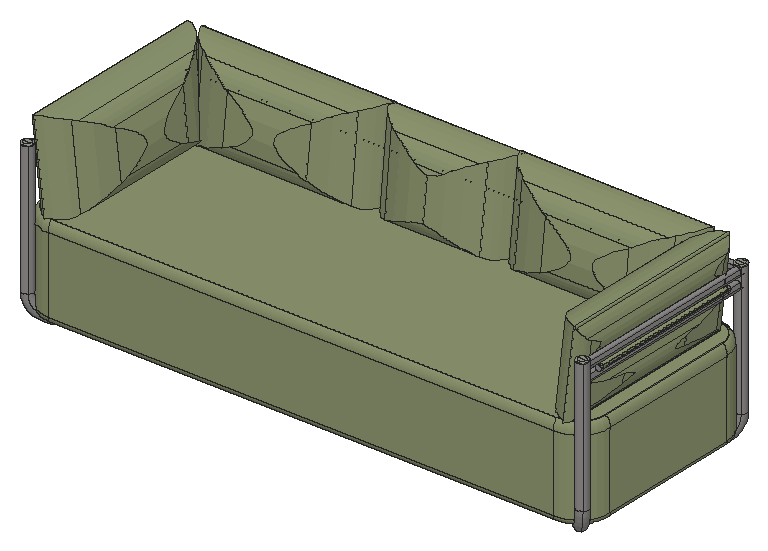
Revit family "FU_Modular_Sandler_Cosmo 1502", category Furniture, Revit 2020
Family settings
  OmniClass Number = 23.40.20.00
  OmniClass Title = General Furniture and Specialties
  Work Plane-Based = No
  Always vertical = Yes
  Cut with Voids When Loaded = No
  Shared = No
  Room Calculation Point = No
Parameters (values of type "Cosmo 1502")
  Width = 2370 mm
  URL = "https://www.sandlerseating.com/product/cosmo-1502/"
  Seat [instance] = Fabric - X2 - Algebra AK005
  Model = "Cosmo 1502"
  Manufacturer = "Sandler"
  Height = 800 mm
  Frame [instance] = Metal - Paint -AL VR - Pewter
  Description = "Three-seat sofa in the Cosmo modular seating range. Exposed steel frame. Upholstered seat, backrest, and armrests. Option to add other elements to form a sectional sofa."
  Depth = 880 mm
  Default Elevation = 0 mm
Reference planes
  plane 1 "Center (Front/Back)": y = 0
  plane 2: z = 0
  plane 3 "Center (Left/Right)": x = 0
  plane 4 "Right": x = -1185
  plane 5 "Left": x = 1185
  plane 6 "Back": y = 440
  plane 7 "Front": y = -440
  plane 8 "Height": z = 800
  plane 9 "Seat height": z = 440
  plane 10 "Frame Base C RIGHT": z = 33.282
  plane 11 "Frame Front C RIGHT": y = -414.45
  plane 12 "Frame Back C RIGHT": y = 415.775
  plane 13 "Frame Left C FRONT": x = 1160.501
  plane 14 "Frame Back Left C TOP": through (839.563, 94.979, 1200) normal (-0.7071, 0.7071, 0)
  plane 15 "Frame Front Left C TOP": through (839.497, -93.945, 1200) normal (0.7071, 0.7071, 0)
  plane 16 "Frame Right C FRONT": x = -1160.501
  plane 17 "Frame Back Right C TOP": through (-839.563, 94.979, 1200) normal (-0.7071, -0.7071, 0)
  plane 18 "Frame Front Right C TOP": through (-839.497, -93.945, 1200) normal (0.7071, -0.7071, 0)
  plane 19: x = 745.068
  plane 20 "Frame Left C FRONT": x = 530.501
  plane 21 "Frame Back Left C TOP": through (209.563, 94.979, 1200) normal (-0.7071, 0.7071, 0)
  plane 22 "Frame Front Left C TOP": through (209.497, -93.945, 1200) normal (0.7071, 0.7071, 0)
  plane 23: x = 115.068
  plane 24: x = -745.068
  plane 25 "Frame Right C FRONT": x = -530.501
  plane 26 "Frame Back Right C TOP": through (-209.563, 94.979, 1200) normal (-0.7071, -0.7071, 0)
  plane 27 "Frame Front Right C TOP": through (-209.497, -93.945, 1200) normal (0.7071, -0.7071, 0)
  plane 28: x = -115.068
Forms (mm)
  Sweep 1, solid, material "Metal - Paint -AL VR - Pewter" <- "Frame"
    path origin (0, 0, 33.282) x (0, -1, 0) y (1, 0, 0)
      loop
        line (319.706, 1065.757) -> (73.771, 819.822)
        arc (73.771, 819.822) -> (-0.733, 788.961) -> (-75.238, 819.822) r 105.365
        line (-75.238, 819.822) -> (-321.173, 1065.757)
    profile "Pro_Circles : 48mm" origin (942.789, -196.738, 33.282) x (-0.707107, -0.707107, 0) y (0, 0, 1)
      loop
        arc (-23.967, 0.067) -> (-17.014, -16.92) -> (-0.066, -23.967) r 23.901
        arc (-0.066, -23.967) -> (16.967, -16.967) -> (23.967, 0.067) r 23.901
        arc (23.967, 0.067) -> (16.92, 17.014) -> (-0.067, 23.967) r 23.9
        arc (-0.067, 23.967) -> (-16.966, 16.966) -> (-23.967, 0.067) r 23.9
  Sweep 2, solid, material "Metal - Paint -AL VR - Pewter" <- "Frame"
    path origin (372.776, 372.776, 0) x (-0.707107, 0.707107, 0) y (0, 0, 1)
      loop
        line (-1112.714, 691) -> (-1112.714, 138.282)
        arc (-1112.714, 138.282) -> (-1081.961, 64.036) -> (-1007.714, 33.282) r 105
        line (-1007.714, 33.282) -> (-977.714, 33.282)
    profile "Pro_Circles : 48mm" origin (1159.584, -414.032, 414.641) x (-0.707107, 0.707107, 0) y (0.707107, 0.707107, 0)
      loop
        arc (-23.967, 0.067) -> (-17.014, -16.92) -> (-0.066, -23.967) r 23.901
        arc (-0.066, -23.967) -> (16.967, -16.967) -> (23.967, 0.067) r 23.901
        arc (23.967, 0.067) -> (16.92, 17.014) -> (-0.067, 23.967) r 23.9
        arc (-0.067, 23.967) -> (-16.966, 16.966) -> (-23.967, 0.067) r 23.9
  Sweep 3, solid, material "Metal - Paint -AL VR - Pewter" <- "Frame"
    path origin (372.292, -372.292, 0) x (-0.707107, -0.707107, 0) y (0, 0, 1)
      loop
        line (-1112.714, 691) -> (-1112.714, 138.282)
        arc (-1112.714, 138.282) -> (-1081.961, 64.036) -> (-1007.714, 33.282) r 105
        line (-1007.714, 33.282) -> (-977.714, 33.282)
    profile "Pro_Circles : 48mm" origin (1159.1, 414.516, 414.641) x (-0.707107, -0.707107, 0) y (-0.707107, 0.707107, 0)
      loop
        arc (23.967, 0.067) -> (16.966, 16.966) -> (0.067, 23.967) r 23.9
        arc (0.067, 23.967) -> (-16.92, 17.014) -> (-23.967, 0.067) r 23.9
        arc (-23.967, 0.067) -> (-16.967, -16.967) -> (0.066, -23.967) r 23.901
        arc (0.066, -23.967) -> (17.014, -16.92) -> (23.967, 0.067) r 23.901
  Sweep 4, solid, material "Metal - Paint -AL VR - Pewter" <- "Frame"
    path origin (0, 0, 33.282) x (0, -1, 0) y (-1, 0, 0)
      loop
        line (319.955, 1065.508) -> (74.02, 819.573)
        arc (74.02, 819.573) -> (-0.484, 788.712) -> (-74.988, 819.573) r 105.365
        line (-74.988, 819.573) -> (-321.173, 1065.757)
    profile "Pro_Circles : 48mm" origin (-942.54, -196.988, 33.282) x (-0.707107, 0.707107, 0) y (0, 0, 1)
      loop
        arc (23.967, 0.067) -> (16.966, 16.966) -> (0.067, 23.967) r 23.9
        arc (0.067, 23.967) -> (-16.92, 17.014) -> (-23.967, 0.067) r 23.9
        arc (-23.967, 0.067) -> (-16.967, -16.967) -> (0.066, -23.967) r 23.901
        arc (0.066, -23.967) -> (17.014, -16.92) -> (23.967, 0.067) r 23.901
  Sweep 5, solid, material "Metal - Paint -AL VR - Pewter" <- "Frame"
    path origin (-687.97, 57.582, 0) x (0.707107, 0.707107, 0) y (0, 0, 1)
      loop
        line (-667.237, 691) -> (-667.237, 138.282)
        arc (-667.237, 138.282) -> (-636.483, 64.036) -> (-562.237, 33.282) r 105
        line (-562.237, 33.282) -> (-532.237, 33.282)
    profile "Pro_Circles : 48mm" origin (-1159.778, -414.226, 414.641) x (-0.707107, -0.707107, 0) y (-0.707107, 0.707107, 0)
      loop
        arc (23.967, 0.067) -> (16.966, 16.966) -> (0.067, 23.967) r 23.9
        arc (0.067, 23.967) -> (-16.92, 17.014) -> (-23.967, 0.067) r 23.9
        arc (-23.967, 0.067) -> (-16.967, -16.967) -> (0.066, -23.967) r 23.901
        arc (0.066, -23.967) -> (17.014, -16.92) -> (23.967, 0.067) r 23.901
  Sweep 6, solid, material "Metal - Paint -AL VR - Pewter" <- "Frame"
    path origin (-687.087, -57.497, 0) x (0.707107, -0.707107, 0) y (0, 0, 1)
      loop
        line (-667.237, 691) -> (-667.237, 138.282)
        arc (-667.237, 138.282) -> (-636.483, 64.036) -> (-562.237, 33.282) r 105
        line (-562.237, 33.282) -> (-532.237, 33.282)
    profile "Pro_Circles : 48mm" origin (-1158.895, 414.31, 414.641) x (-0.707107, 0.707107, 0) y (0.707107, 0.707107, 0)
      loop
        arc (-23.967, 0.067) -> (-17.014, -16.92) -> (-0.066, -23.967) r 23.901
        arc (-0.066, -23.967) -> (16.967, -16.967) -> (23.967, 0.067) r 23.901
        arc (23.967, 0.067) -> (16.92, 17.014) -> (-0.067, 23.967) r 23.9
        arc (-0.067, 23.967) -> (-16.966, 16.966) -> (-23.967, 0.067) r 23.9
  Sweep 7, solid, material "Metal - Paint -AL VR - Pewter" <- "Frame"
    path origin (1160.501, 0, 0) x (0, 0, 1) y (0, -1, 0)
      loop
        line (667.4, 414.45) -> (667.4, -415.775)
    profile "Pro_Cosmo_Oval Tube : Pro_Cosmo_Oval Tube" origin (1160.501, 0.662, 667.4) x (0, 0, 1) y (1, 0, 0)
      loop
        arc (-10.07, 10) -> (-20.07, 0) -> (-10.07, -10) r 10
        line (-10.07, -10) -> (10.07, -10)
        arc (10.07, -10) -> (20.07, 0) -> (10.07, 10) r 10
        line (10.07, 10) -> (-10.07, 10)
  Sweep 8, solid, material "Metal - Paint -AL VR - Pewter" <- "Frame"
    path origin (1160.501, 0, 0) x (0, 0, 1) y (0, -1, 0)
      loop
        line (617.39, -415.775) -> (617.39, 414.45)
    profile "Pro_Cosmo_Oval Tube : Pro_Cosmo_Oval Tube" origin (1160.501, 0.662, 617.39) x (0, 0, -1) y (1, 0, 0)
      loop
        arc (-10.07, 10) -> (-20.07, 0) -> (-10.07, -10) r 10
        line (-10.07, -10) -> (10.07, -10)
        arc (10.07, -10) -> (20.07, 0) -> (10.07, 10) r 10
        line (10.07, 10) -> (-10.07, 10)
  Sweep 9, solid, material "Metal - Paint -AL VR - Pewter" <- "Frame"
    path origin (1160.501, 0, 0) x (0, 0, 1) y (0, -1, 0)
      loop
        line (642.954, -318.158) -> (642.954, 352.842)
    profile "Pro_Circles : 20mm" origin (1160.501, -17.342, 642.954) x (0, 0, -1) y (1, 0, 0)
      loop
        arc (-9.967, 18.567) -> (-7.115, 11.48) -> (-0.067, 8.533) r 9.901
        arc (-0.067, 8.533) -> (7.068, 11.432) -> (9.967, 18.567) r 9.901
        arc (9.967, 18.567) -> (7.02, 25.615) -> (-0.067, 28.467) r 9.901
        arc (-0.067, 28.467) -> (-7.067, 25.567) -> (-9.967, 18.567) r 9.9
  Sweep 10, solid, material "Metal - Paint -AL VR - Pewter" <- "Frame"
    path origin (1160.501, -0.925, 0) x (0, 0, 1) y (0, -1, 0)
      loop
        line (642.954, 344.821) -> (642.954, 352.842)
    profile "Pro_Circles : 24mm" origin (1160.501, -349.757, 642.954) x (0, 0, -1) y (1, 0, 0)
      loop
        arc (-11.967, 18.567) -> (-8.529, 10.066) -> (-0.067, 6.533) r 11.901
        arc (-0.067, 6.533) -> (8.482, 10.018) -> (11.967, 18.567) r 11.901
        arc (11.967, 18.567) -> (8.434, 27.029) -> (-0.067, 30.467) r 11.901
        arc (-0.067, 30.467) -> (-8.481, 26.981) -> (-11.967, 18.567) r 11.9
  Sweep 11, solid, material "Metal - Paint -AL VR - Pewter" <- "Frame"
    path origin (1160.501, -33.679, 0) x (0, 0, 1) y (0, 1, 0)
      loop
        line (642.954, 344.821) -> (642.954, 352.842)
    profile "Pro_Circles : 24mm" origin (1160.501, 315.153, 642.954) x (0, 0, 1) y (1, 0, 0)
      loop
        arc (11.967, 18.567) -> (8.481, 26.981) -> (0.067, 30.467) r 11.9
        arc (0.067, 30.467) -> (-8.434, 27.029) -> (-11.967, 18.567) r 11.901
        arc (-11.967, 18.567) -> (-8.482, 10.018) -> (0.067, 6.533) r 11.901
        arc (0.067, 6.533) -> (8.529, 10.066) -> (11.967, 18.567) r 11.901
  Sweep 12, solid, material "Metal - Paint -AL VR - Pewter" <- "Frame"
    path origin (-1160.501, 0, 0) x (0, 0, 1) y (0, -1, 0)
      loop
        line (667.4, 414.45) -> (667.4, -415.775)
    profile "Pro_Cosmo_Oval Tube : Pro_Cosmo_Oval Tube" origin (-1160.501, 0.662, 667.4) x (0, 0, -1) y (-1, 0, 0)
      loop
        line (-10.07, -10) -> (10.07, -10)
        arc (10.07, -10) -> (20.07, 0) -> (10.07, 10) r 10
        line (10.07, 10) -> (-10.07, 10)
        arc (-10.07, 10) -> (-20.07, 0) -> (-10.07, -10) r 10
  Sweep 13, solid, material "Metal - Paint -AL VR - Pewter" <- "Frame"
    path origin (-1160.501, 0, 0) x (0, 0, 1) y (0, -1, 0)
      loop
        line (617.39, -415.775) -> (617.39, 414.45)
    profile "Pro_Cosmo_Oval Tube : Pro_Cosmo_Oval Tube" origin (-1160.501, 0.662, 617.39) x (0, 0, 1) y (-1, 0, 0)
      loop
        line (-10.07, -10) -> (10.07, -10)
        arc (10.07, -10) -> (20.07, 0) -> (10.07, 10) r 10
        line (10.07, 10) -> (-10.07, 10)
        arc (-10.07, 10) -> (-20.07, 0) -> (-10.07, -10) r 10
  Sweep 14, solid, material "Metal - Paint -AL VR - Pewter" <- "Frame"
    path origin (0, 415.775, 0) x (0, 0, 1) y (1, 0, 0)
      loop
        line (667.39, -1160.832) -> (667.39, 1160.168)
    profile "Pro_Cosmo_Oval Tube : Pro_Cosmo_Oval Tube" origin (-0.332, 415.775, 667.39) x (0, 0, -1) y (0, 1, 0)
      loop
        arc (-10.07, 10) -> (-20.07, 0) -> (-10.07, -10) r 10
        line (-10.07, -10) -> (10.07, -10)
        arc (10.07, -10) -> (20.07, 0) -> (10.07, 10) r 10
        line (10.07, 10) -> (-10.07, 10)
  Sweep 15, solid, material "Metal - Paint -AL VR - Pewter" <- "Frame"
    path origin (0, 415.775, 0) x (0, 0, 1) y (1, 0, 0)
      loop
        line (619.39, -1160.832) -> (619.39, 1160.168)
    profile "Pro_Cosmo_Oval Tube : Pro_Cosmo_Oval Tube" origin (-0.332, 415.775, 619.39) x (0, 0, -1) y (0, 1, 0)
      loop
        arc (-10.07, 10) -> (-20.07, 0) -> (-10.07, -10) r 10
        line (-10.07, -10) -> (10.07, -10)
        arc (10.07, -10) -> (20.07, 0) -> (10.07, 10) r 10
        line (10.07, 10) -> (-10.07, 10)
  Sweep 16, solid, material "Metal - Paint -AL VR - Pewter" <- "Frame"
    path origin (-36.64, 440, 0) x (-1, 0, 0) y (0, 0, 1)
      loop
        line (963.919, 643.39) -> (296.919, 643.39)
    profile "Pro_Circles : 20mm" origin (-667.059, 440, 643.39) x (0, 0, -1) y (0, 1, 0)
      loop
        arc (-9.967, -5.933) -> (-7.115, -13.02) -> (-0.067, -15.967) r 9.901
        arc (-0.067, -15.967) -> (7.068, -13.068) -> (9.967, -5.933) r 9.901
        arc (9.967, -5.933) -> (7.02, 1.115) -> (-0.067, 3.967) r 9.901
        arc (-0.067, 3.967) -> (-7.067, 1.067) -> (-9.967, -5.933) r 9.9
  Sweep 17, solid, material "Metal - Paint -AL VR - Pewter" <- "Frame"
    path origin (-978.34, 415.775, 0) x (0, 0, 1) y (1, 0, 0)
      loop
        line (643.39, 640.957) -> (643.39, 648.957)
    profile "Pro_Circles : 24mm" origin (-333.383, 415.775, 643.39) x (0, 0, -1) y (0, 1, 0)
      loop
        arc (-11.967, 18.567) -> (-8.529, 10.066) -> (-0.067, 6.533) r 11.901
        arc (-0.067, 6.533) -> (8.482, 10.018) -> (11.967, 18.567) r 11.901
        arc (11.967, 18.567) -> (8.434, 27.029) -> (-0.067, 30.467) r 11.901
        arc (-0.067, 30.467) -> (-8.481, 26.981) -> (-11.967, 18.567) r 11.9
  Sweep 18, solid, material "Metal - Paint -AL VR - Pewter" <- "Frame"
    path origin (-1160.501, 0, 0) x (0, 0, 1) y (0, -1, 0)
      loop
        line (642.954, -318.158) -> (642.954, 352.842)
    profile "Pro_Circles : 20mm" origin (-1160.501, -17.342, 642.954) x (0, 0, 1) y (-1, 0, 0)
      loop
        arc (9.967, 18.567) -> (7.067, 25.567) -> (0.067, 28.467) r 9.9
        arc (0.067, 28.467) -> (-7.02, 25.615) -> (-9.967, 18.567) r 9.901
        arc (-9.967, 18.567) -> (-7.068, 11.432) -> (0.067, 8.533) r 9.901
        arc (0.067, 8.533) -> (7.115, 11.48) -> (9.967, 18.567) r 9.901
  Sweep 19, solid, material "Metal - Paint -AL VR - Pewter" <- "Frame"
    path origin (-1160.501, 0, 0) x (0, 0, 1) y (0, -1, 0)
      loop
        line (642.954, 345.746) -> (642.954, 353.767)
    profile "Pro_Circles : 24mm" origin (-1160.501, -349.757, 642.954) x (0, 0, 1) y (-1, 0, 0)
      loop
        arc (11.967, 18.567) -> (8.481, 26.981) -> (0.067, 30.467) r 11.9
        arc (0.067, 30.467) -> (-8.434, 27.029) -> (-11.967, 18.567) r 11.901
        arc (-11.967, 18.567) -> (-8.482, 10.018) -> (0.067, 6.533) r 11.901
        arc (0.067, 6.533) -> (8.529, 10.066) -> (11.967, 18.567) r 11.901
  Sweep 20, solid, material "Metal - Paint -AL VR - Pewter" <- "Frame"
    path origin (-1160.501, 0, 0) x (0, 0, 1) y (0, -1, 0)
      loop
        line (642.954, -311.142) -> (642.954, -319.163)
    profile "Pro_Circles : 24mm" origin (-1160.501, 315.153, 642.954) x (0, 0, -1) y (-1, 0, 0)
      loop
        arc (-11.967, 18.567) -> (-8.529, 10.066) -> (-0.067, 6.533) r 11.901
        arc (-0.067, 6.533) -> (8.482, 10.018) -> (11.967, 18.567) r 11.901
        arc (11.967, 18.567) -> (8.434, 27.029) -> (-0.067, 30.467) r 11.901
        arc (-0.067, 30.467) -> (-8.481, 26.981) -> (-11.967, 18.567) r 11.9
  Sweep 21, solid, material "Metal - Paint -AL VR - Pewter" <- "Frame"
    path origin (-38.007, 415.775, 0) x (0, 0, 1) y (-1, 0, 0)
      loop
        line (643.39, 955.957) -> (643.39, 963.957)
    profile "Pro_Circles : 24mm" origin (-997.964, 415.775, 643.39) x (0, 0, 1) y (0, 1, 0)
      loop
        arc (11.967, 18.567) -> (8.481, 26.981) -> (0.067, 30.467) r 11.9
        arc (0.067, 30.467) -> (-8.434, 27.029) -> (-11.967, 18.567) r 11.901
        arc (-11.967, 18.567) -> (-8.482, 10.018) -> (0.067, 6.533) r 11.901
        arc (0.067, 6.533) -> (8.529, 10.066) -> (11.967, 18.567) r 11.901
  Revolve 22, solid, material "Rubber, Black"
    sketch origin (-0.781, -414.45, 0) x (0, 0, -1) y (1, 0, 0)
      loop
        line (-695.421, 1160.33) -> (-695.421, 1141.266)
        arc (-695.421, 1141.266) -> (-694.22, 1138.04) -> (-691.201, 1136.385) r 4.933
        arc (-691.201, 1136.385) -> (-690.636, 1136.55) -> (-690.39, 1137.086) r 0.708
        line (-690.39, 1137.086) -> (-690.39, 1138.836) -> (-685.421, 1138.836) -> (-685.421, 1160.33) -> (-695.421, 1160.33)
      axis (-695.421, 1160.33) -> (-685.421, 1160.33)
    angle from 0 to 360
  Revolve 23, solid, material "Rubber, Black"
    sketch origin (0.781, -414.45, 0) x (0, 0, -1) y (-1, 0, 0)
      loop
        line (-695.421, 1160.33) -> (-695.421, 1141.266)
        arc (-695.421, 1141.266) -> (-694.22, 1138.04) -> (-691.201, 1136.385) r 4.933
        arc (-691.201, 1136.385) -> (-690.636, 1136.55) -> (-690.39, 1137.086) r 0.708
        line (-690.39, 1137.086) -> (-690.39, 1138.836) -> (-685.421, 1138.836) -> (-685.421, 1160.33) -> (-695.421, 1160.33)
      axis (-695.421, 1160.33) -> (-685.421, 1160.33)
    angle from 0 to 360
  Revolve 24, solid, material "Rubber, Black"
    sketch origin (-0.781, 414.001, 0) x (0, 0, -1) y (-1, 0, 0)
      loop
        line (-695.421, -1160.33) -> (-685.421, -1160.33) -> (-685.421, -1138.836) -> (-690.39, -1138.836) -> (-690.39, -1137.086)
        arc (-690.39, -1137.086) -> (-690.636, -1136.55) -> (-691.201, -1136.385) r 0.708
        arc (-691.201, -1136.385) -> (-694.22, -1138.04) -> (-695.421, -1141.266) r 4.933
        line (-695.421, -1141.266) -> (-695.421, -1160.33)
      axis (-695.421, -1160.33) -> (-685.421, -1160.33)
    angle from 0 to 360
  Revolve 25, solid, material "Rubber, Black"
    sketch origin (0.781, 414.001, 0) x (0, 0, -1) y (-1, 0, 0)
      loop
        line (-695.421, 1160.33) -> (-695.421, 1141.266)
        arc (-695.421, 1141.266) -> (-694.22, 1138.04) -> (-691.201, 1136.385) r 4.933
        arc (-691.201, 1136.385) -> (-690.636, 1136.55) -> (-690.39, 1137.086) r 0.708
        line (-690.39, 1137.086) -> (-690.39, 1138.836) -> (-685.421, 1138.836) -> (-685.421, 1160.33) -> (-695.421, 1160.33)
      axis (-695.421, 1160.33) -> (-685.421, 1160.33)
    angle from 0 to 360
  Extrusion 26, solid, material "Rubber, Black"
    sketch origin (0, 0, 0) x (1, 0, 0) y (0, 1, 0)
      loop
        circle (1014.746, 270.162) r 12.5
    from 0 to 33.282
  Extrusion 27, solid, material "Rubber, Black"
    sketch origin (0, 0, 0) x (1, 0, 0) y (0, 1, 0)
      loop
        circle (1014.746, -270.162) r 12.5
    from 0 to 33.282
  Extrusion 28, solid, material "Rubber, Black"
    sketch origin (0, 0, 0) x (-1, 0, 0) y (0, -1, 0)
      loop
        circle (1014.746, -270.162) r 12.5
    from 0 to 33.282
  Extrusion 29, solid, material "Rubber, Black"
    sketch origin (0, 0, 0) x (-1, 0, 0) y (0, -1, 0)
      loop
        circle (1014.746, 270.162) r 12.5
    from 0 to 33.282
  Extrusion 30, solid, material "Fabric - X2 - Algebra AK005" <- "Seat"
    sketch origin (0, 0, 33.282) x (0, -1, 0) y (1, 0, 0)
      loop
        arc (-415.775, -1055.667) -> (-383.557, -1133.448) -> (-305.775, -1165.667) r 110
        line (-305.775, -1165.667) -> (304.45, -1165.667)
        arc (304.45, -1165.667) -> (382.232, -1133.448) -> (414.45, -1055.667) r 110
        line (414.45, -1055.667) -> (414.45, 1055.667)
        arc (414.45, 1055.667) -> (382.232, 1133.448) -> (304.45, 1165.667) r 110
        line (304.45, 1165.667) -> (-305.775, 1165.667)
        arc (-305.775, 1165.667) -> (-383.557, 1133.448) -> (-415.775, 1055.667) r 110
        line (-415.775, 1055.667) -> (-415.775, -1055.667)
    from 25.7 to 406.718
  Sweep 31, solid, material "Fabric - X2 - Algebra AK005" <- "Seat"
    path in 3D
      loop
        arc (-1165.667, -304.45, 440) -> (-1133.448, -382.232, 440) -> (-1055.667, -414.45, 440) r 110
        line (-1055.667, -414.45, 440) -> (1055.667, -414.45, 440)
        arc (1055.667, -414.45, 440) -> (1133.448, -382.232, 440) -> (1165.667, -304.45, 440) r 110
        line (1165.667, -304.45, 440) -> (1165.667, 305.775, 440)
        arc (1165.667, 305.775, 440) -> (1133.448, 383.557, 440) -> (1055.667, 415.775, 440) r 110
        line (1055.667, 415.775, 440) -> (-1055.667, 415.775, 440)
        arc (-1055.667, 415.775, 440) -> (-1133.448, 383.557, 440) -> (-1165.667, 305.775, 440) r 110
        line (-1165.667, 305.775, 440) -> (-1165.667, -304.45, 440)
    profile "Pro_Cosmo_SeatEdge : Pro_Cosmo_SeatEdge" origin (-1165.667, 0.662, 440) x (1, 0, 0) y (0, 0, 1)
      loop
        line (-21, -42) -> (-21, -360)
        arc (-21, -360) -> (-14.849, -374.849) -> (0, -381) r 21
        line (0, -381) -> (0, 0)
        spline (0, 0) -> (-2.741, -0.359) -> (-5.435, -1.431) -> (-8.036, -3.197) -> (-10.5, -5.627) -> (-12.784, -8.679) -> (-14.849, -12.302) -> (-16.66, -16.432) -> (-18.187, -21) -> (-19.401, -25.927) -> (-20.284, -31.13) -> (-20.82, -36.518) -> (-21, -42)
  Sweep 32, solid, material "Metal - Paint -AL VR - Pewter" <- "Frame"
    path origin (-630.774, 440, 0) x (1, 0, 0) y (0, 0, 1)
      loop
        line (858.313, 643.39) -> (403.313, 643.39)
    profile "Pro_Circles : 20mm" origin (0.04, 440, 643.39) x (0, 0, 1) y (0, 1, 0)
      loop
        arc (9.967, -5.933) -> (7.067, 1.067) -> (0.067, 3.967) r 9.9
        arc (0.067, 3.967) -> (-7.02, 1.115) -> (-9.967, -5.933) r 9.901
        arc (-9.967, -5.933) -> (-7.068, -13.068) -> (0.067, -15.967) r 9.901
        arc (0.067, -15.967) -> (7.115, -13.02) -> (9.967, -5.933) r 9.901
  Sweep 33, solid, material "Metal - Paint -AL VR - Pewter" <- "Frame"
    path origin (415.372, 415.775, 0) x (0, 0, 1) y (-1, 0, 0)
      loop
        line (643.39, 640.957) -> (643.39, 648.957)
    profile "Pro_Circles : 24mm" origin (-229.585, 415.775, 643.39) x (0, 0, 1) y (0, 1, 0)
      loop
        arc (11.967, 18.567) -> (8.481, 26.981) -> (0.067, 30.467) r 11.9
        arc (0.067, 30.467) -> (-8.434, 27.029) -> (-11.967, 18.567) r 11.901
        arc (-11.967, 18.567) -> (-8.482, 10.018) -> (0.067, 6.533) r 11.901
        arc (0.067, 6.533) -> (8.529, 10.066) -> (11.967, 18.567) r 11.901
  Sweep 34, solid, material "Metal - Paint -AL VR - Pewter" <- "Frame"
    path origin (-729.668, 415.775, 0) x (0, 0, 1) y (1, 0, 0)
      loop
        line (643.39, 955.957) -> (643.39, 963.957)
    profile "Pro_Circles : 24mm" origin (230.29, 415.775, 643.39) x (0, 0, -1) y (0, 1, 0)
      loop
        arc (-11.967, 18.567) -> (-8.529, 10.066) -> (-0.067, 6.533) r 11.901
        arc (-0.067, 6.533) -> (8.482, 10.018) -> (11.967, 18.567) r 11.901
        arc (11.967, 18.567) -> (8.434, 27.029) -> (-0.067, 30.467) r 11.901
        arc (-0.067, 30.467) -> (-8.481, 26.981) -> (-11.967, 18.567) r 11.9
  Sweep 35, solid, material "Metal - Paint -AL VR - Pewter" <- "Frame"
    path origin (36.64, 440, 0) x (1, 0, 0) y (0, 0, 1)
      loop
        line (963.919, 643.39) -> (296.919, 643.39)
    profile "Pro_Circles : 20mm" origin (667.059, 440, 643.39) x (0, 0, 1) y (0, 1, 0)
      loop
        arc (9.967, -5.933) -> (7.067, 1.067) -> (0.067, 3.967) r 9.9
        arc (0.067, 3.967) -> (-7.02, 1.115) -> (-9.967, -5.933) r 9.901
        arc (-9.967, -5.933) -> (-7.068, -13.068) -> (0.067, -15.967) r 9.901
        arc (0.067, -15.967) -> (7.115, -13.02) -> (9.967, -5.933) r 9.901
  Sweep 36, solid, material "Metal - Paint -AL VR - Pewter" <- "Frame"
    path origin (978.34, 415.775, 0) x (0, 0, 1) y (-1, 0, 0)
      loop
        line (643.39, 640.957) -> (643.39, 648.957)
    profile "Pro_Circles : 24mm" origin (333.383, 415.775, 643.39) x (0, 0, 1) y (0, 1, 0)
      loop
        arc (11.967, 18.567) -> (8.481, 26.981) -> (0.067, 30.467) r 11.9
        arc (0.067, 30.467) -> (-8.434, 27.029) -> (-11.967, 18.567) r 11.901
        arc (-11.967, 18.567) -> (-8.482, 10.018) -> (0.067, 6.533) r 11.901
        arc (0.067, 6.533) -> (8.529, 10.066) -> (11.967, 18.567) r 11.901
  Sweep 37, solid, material "Metal - Paint -AL VR - Pewter" <- "Frame"
    path origin (38.007, 415.775, 0) x (0, 0, 1) y (1, 0, 0)
      loop
        line (643.39, 955.957) -> (643.39, 963.957)
    profile "Pro_Circles : 24mm" origin (997.964, 415.775, 643.39) x (0, 0, -1) y (0, 1, 0)
      loop
        arc (-11.967, 18.567) -> (-8.529, 10.066) -> (-0.067, 6.533) r 11.901
        arc (-0.067, 6.533) -> (8.482, 10.018) -> (11.967, 18.567) r 11.901
        arc (11.967, 18.567) -> (8.434, 27.029) -> (-0.067, 30.467) r 11.901
        arc (-0.067, 30.467) -> (-8.481, 26.981) -> (-11.967, 18.567) r 11.9
Cuts and joins
  joined: Sweep 9, Sweep 10, Sweep 11
  joined: Sweep 18, Sweep 19, Sweep 20
  joined: Sweep 16, Sweep 17, Sweep 21
Lines and regions (mm)
  sketch lines
    curve 1: line (-1165.667, 305.775, 440) -> (-1165.667, -304.45, 440)
    curve 2: arc (-1055.667, -414.45, 440) -> (-1133.448, -382.232, 440) -> (-1165.667, -304.45, 440) r 110
    curve 3: line (-1055.667, -414.45, 440) -> (1055.667, -414.45, 440)
    curve 4: arc (1165.667, -304.45, 440) -> (1133.448, -382.232, 440) -> (1055.667, -414.45, 440) r 110
    curve 5: line (1165.667, -304.45, 440) -> (1165.667, 305.775, 440)
    curve 6: arc (1055.667, 415.775, 440) -> (1133.448, 383.557, 440) -> (1165.667, 305.775, 440) r 110
    curve 7: line (1055.667, 415.775, 440) -> (-1055.667, 415.775, 440)
    curve 8: arc (-1165.667, 305.775, 440) -> (-1133.448, 383.557, 440) -> (-1055.667, 415.775, 440) r 110
Dimensions and locks
  equal spacing: plane 4 "Right", plane 3 "Center (Left/Right)", plane 5 "Left"
  "Width": plane 4 "Right" to plane 5 "Left"
  equal spacing: plane 6 "Back", plane 1 "Center (Front/Back)", plane 7 "Front"
  "Depth": plane 6 "Back" to plane 7 "Front"
  "Height": plane 8 "Height" to level
  plane 9 "Seat height" to level = 440 mm
  locked: plane 4 "Right" to plane 16 "Frame Right C FRONT" at 24.499
  locked: plane 13 "Frame Left C FRONT" to plane 5 "Left" at 24.499
  locked: plane 19 to plane 13 "Frame Left C FRONT" at 415.433
  locked: plane 16 "Frame Right C FRONT" to plane 24 at 415.433
  aligned and locked: level to plane 2
  aligned and locked: Sweep 4 sketch curve to plane 18 "Frame Front Right C TOP"
  aligned and locked: Sweep 4 sketch curve to plane 17 "Frame Back Right C TOP"
Automatic sketch dimensions
  Sweep 1 sketch curve to plane 14 "Frame Back Left C TOP" = 0 mm  (x2)
  plane 19 to Sweep 1 sketch curve = 74.754 mm
  Sweep 1 sketch curve to plane 1 "Center (Front/Back)" = 0.733 mm
  plane 1 "Center (Front/Back)" to Sweep 1 sketch curve = 73.771 mm
  Sweep 1 sketch curve to Sweep 1 sketch curve = 74.504 mm
  Sweep 1 sketch curve to plane 12 "Frame Back C RIGHT" = 94.602 mm
  Sweep 1 sketch curve to plane 11 "Frame Front C RIGHT" = 94.744 mm
  Sweep 1 sketch curve to plane 13 "Frame Left C FRONT" = 94.744 mm
  plane 10 "Frame Base C RIGHT" to Sweep 2 sketch curve = 0 mm
  plane 10 "Frame Base C RIGHT" to Sweep 2 sketch curve = 105 mm
  Sweep 2 sketch curve to plane 14 "Frame Back Left C TOP" = 586.214 mm
  Sweep 2 sketch curve to Sweep 2 sketch curve = 30 mm
  Sweep 2 sketch curve to plane 8 "Height" = 109 mm
  plane 10 "Frame Base C RIGHT" to Sweep 3 sketch curve = 0 mm
  plane 10 "Frame Base C RIGHT" to Sweep 3 sketch curve = 105 mm
  plane 15 "Frame Front Left C TOP" to Sweep 3 sketch curve = 585.529 mm
  Sweep 3 sketch curve to Sweep 3 sketch curve = 30 mm
  Sweep 3 sketch curve to plane 8 "Height" = 109 mm
  plane 24 to Sweep 4 sketch curve = 74.504 mm
  Sweep 4 sketch curve to plane 1 "Center (Front/Back)" = 74.02 mm
  Sweep 4 sketch curve to Sweep 4 sketch curve = 74.504 mm
  plane 12 "Frame Back C RIGHT" to Sweep 4 sketch curve = 94.602 mm
  plane 11 "Frame Front C RIGHT" to Sweep 4 sketch curve = 94.495 mm
  plane 10 "Frame Base C RIGHT" to Sweep 5 sketch curve = 0 mm
  Sweep 5 sketch curve to plane 10 "Frame Base C RIGHT" = 105 mm
  plane 17 "Frame Back Right C TOP" to Sweep 5 sketch curve = 586.488 mm
  Sweep 5 sketch curve to Sweep 5 sketch curve = 30 mm
  plane 8 "Height" to Sweep 5 sketch curve = 109 mm
  plane 10 "Frame Base C RIGHT" to Sweep 6 sketch curve = 0 mm
  Sweep 6 sketch curve to plane 10 "Frame Base C RIGHT" = 105 mm
  Sweep 6 sketch curve to plane 18 "Frame Front Right C TOP" = 585.239 mm
  Sweep 6 sketch curve to Sweep 6 sketch curve = 30 mm
  plane 8 "Height" to Sweep 6 sketch curve = 109 mm
  Sweep 7 sketch curve to plane 12 "Frame Back C RIGHT" = 0 mm
  Sweep 7 sketch curve to plane 11 "Frame Front C RIGHT" = 0 mm
  Sweep 7 sketch curve to plane 8 "Height" = 132.6 mm
  Sweep 8 sketch curve to plane 11 "Frame Front C RIGHT" = 0 mm
  Sweep 8 sketch curve to plane 12 "Frame Back C RIGHT" = 0 mm
  plane 9 "Seat height" to Sweep 8 sketch curve = 177.39 mm
  Sweep 9 sketch curve to plane 11 "Frame Front C RIGHT" = 61.608 mm
  Sweep 9 sketch curve to plane 8 "Height" = 157.046 mm
  Sweep 9 sketch curve to plane 12 "Frame Back C RIGHT" = 97.617 mm
  Sweep 10 sketch curve to plane 11 "Frame Front C RIGHT" = 60.683 mm
  Sweep 10 sketch curve to plane 8 "Height" = 157.046 mm
  Sweep 10 sketch curve to Sweep 10 sketch curve = 8.021 mm
  plane 8 "Height" to Sweep 11 sketch curve = 157.046 mm
  plane 12 "Frame Back C RIGHT" to Sweep 11 sketch curve = 104.633 mm
  Sweep 11 sketch curve to Sweep 11 sketch curve = 8.021 mm
  Sweep 12 sketch curve to plane 12 "Frame Back C RIGHT" = 0 mm
  Sweep 12 sketch curve to plane 11 "Frame Front C RIGHT" = 0 mm
  plane 8 "Height" to Sweep 12 sketch curve = 132.6 mm
  Sweep 13 sketch curve to plane 11 "Frame Front C RIGHT" = 0 mm
  Sweep 13 sketch curve to plane 12 "Frame Back C RIGHT" = 0 mm
  Sweep 13 sketch curve to plane 9 "Seat height" = 177.39 mm
  Sweep 14 sketch curve to plane 13 "Frame Left C FRONT" = 0.333 mm
  Sweep 14 sketch curve to plane 8 "Height" = 132.61 mm
  plane 16 "Frame Right C FRONT" to Sweep 14 sketch curve = 0.331 mm
  Sweep 15 sketch curve to plane 13 "Frame Left C FRONT" = 0.333 mm
  plane 9 "Seat height" to Sweep 15 sketch curve = 179.39 mm
  plane 16 "Frame Right C FRONT" to Sweep 15 sketch curve = 0.331 mm
  Sweep 16 sketch curve to plane 8 "Height" = 156.61 mm
  Sweep 16 sketch curve to plane 3 "Center (Left/Right)" = 333.559 mm
  Sweep 16 sketch curve to plane 16 "Frame Right C FRONT" = 159.942 mm
  Sweep 17 sketch curve to plane 8 "Height" = 156.61 mm
  Sweep 17 sketch curve to plane 3 "Center (Left/Right)" = 337.383 mm
  Sweep 17 sketch curve to Sweep 17 sketch curve = 8 mm
  plane 11 "Frame Front C RIGHT" to Sweep 18 sketch curve = 61.608 mm
  plane 8 "Height" to Sweep 18 sketch curve = 157.046 mm
  plane 12 "Frame Back C RIGHT" to Sweep 18 sketch curve = 97.617 mm
  plane 11 "Frame Front C RIGHT" to Sweep 19 sketch curve = 60.683 mm
  plane 8 "Height" to Sweep 19 sketch curve = 157.046 mm
  Sweep 19 sketch curve to Sweep 19 sketch curve = 8.021 mm
  plane 8 "Height" to Sweep 20 sketch curve = 157.046 mm
  plane 12 "Frame Back C RIGHT" to Sweep 20 sketch curve = 96.612 mm
  Sweep 20 sketch curve to Sweep 20 sketch curve = 8.021 mm
  plane 8 "Height" to Sweep 21 sketch curve = 156.61 mm
  plane 16 "Frame Right C FRONT" to Sweep 21 sketch curve = 166.537 mm
  Sweep 21 sketch curve to Sweep 21 sketch curve = 8 mm
  Revolve 22 sketch curve to plane 13 "Frame Left C FRONT" = 0.952 mm  (x2)
  Revolve 22 sketch curve to plane 8 "Height" = 104.579 mm
  Revolve 22 sketch curve to Revolve 22 sketch curve = 4.322 mm
  Revolve 22 sketch curve to Revolve 22 sketch curve = 0.611 mm
  Revolve 22 sketch curve to Revolve 22 sketch curve = 0.708 mm
  Revolve 22 sketch curve to Revolve 22 sketch curve = 4.97 mm
  Revolve 22 sketch curve to Revolve 22 sketch curve = 19.065 mm
  Revolve 22 sketch curve to Revolve 22 sketch curve = 2.43 mm
  Revolve 22 sketch curve to Revolve 22 sketch curve = 1.75 mm
  Revolve 22 sketch curve to Revolve 22 sketch curve = 7.372 mm
  Revolve 22 sketch curve to Revolve 22 sketch curve = 19.192 mm
  plane 16 "Frame Right C FRONT" to Revolve 23 sketch curve = 0.952 mm  (x2)
  plane 8 "Height" to Revolve 23 sketch curve = 104.579 mm
  Revolve 23 sketch curve to Revolve 23 sketch curve = 4.322 mm
  Revolve 23 sketch curve to Revolve 23 sketch curve = 0.611 mm
  Revolve 23 sketch curve to Revolve 23 sketch curve = 0.708 mm
  Revolve 23 sketch curve to Revolve 23 sketch curve = 4.97 mm
  Revolve 23 sketch curve to Revolve 23 sketch curve = 19.065 mm
  Revolve 23 sketch curve to Revolve 23 sketch curve = 2.43 mm
  Revolve 23 sketch curve to Revolve 23 sketch curve = 1.75 mm
  Revolve 23 sketch curve to Revolve 23 sketch curve = 7.372 mm
  Revolve 23 sketch curve to Revolve 23 sketch curve = 19.192 mm
  Revolve 24 sketch curve to plane 13 "Frame Left C FRONT" = 0.952 mm  (x2)
  Revolve 24 sketch curve to plane 8 "Height" = 104.579 mm
  Revolve 24 sketch curve to Revolve 24 sketch curve = 4.322 mm
  Revolve 24 sketch curve to Revolve 24 sketch curve = 0.611 mm
  Revolve 24 sketch curve to Revolve 24 sketch curve = 0.708 mm
  Revolve 24 sketch curve to Revolve 24 sketch curve = 4.97 mm
  Revolve 24 sketch curve to Revolve 24 sketch curve = 19.065 mm
  Revolve 24 sketch curve to Revolve 24 sketch curve = 2.43 mm
  Revolve 24 sketch curve to Revolve 24 sketch curve = 1.75 mm
  Revolve 24 sketch curve to Revolve 24 sketch curve = 7.372 mm
  Revolve 24 sketch curve to Revolve 24 sketch curve = 19.192 mm
  Revolve 25 sketch curve to plane 16 "Frame Right C FRONT" = 0.952 mm  (x2)
  Revolve 25 sketch curve to plane 8 "Height" = 104.579 mm
  Revolve 25 sketch curve to Revolve 25 sketch curve = 4.322 mm
  Revolve 25 sketch curve to Revolve 25 sketch curve = 0.611 mm
  Revolve 25 sketch curve to Revolve 25 sketch curve = 0.708 mm
  Revolve 25 sketch curve to Revolve 25 sketch curve = 4.97 mm
  Revolve 25 sketch curve to Revolve 25 sketch curve = 19.065 mm
  Revolve 25 sketch curve to Revolve 25 sketch curve = 2.43 mm
  Revolve 25 sketch curve to Revolve 25 sketch curve = 1.75 mm
  Revolve 25 sketch curve to Revolve 25 sketch curve = 7.372 mm
  Revolve 25 sketch curve to Revolve 25 sketch curve = 19.192 mm
  Extrusion 26 sketch curve to plane 14 "Frame Back Left C TOP" = 0 mm
  Extrusion 26 sketch curve to plane 12 "Frame Back C RIGHT" = 145.613 mm
  plane 13 "Frame Left C FRONT" to Extrusion 27 sketch curve = 145.755 mm
  plane 11 "Frame Front C RIGHT" to Extrusion 27 sketch curve = 144.288 mm
  Extrusion 28 sketch curve to plane 17 "Frame Back Right C TOP" = 0 mm
  plane 12 "Frame Back C RIGHT" to Extrusion 28 sketch curve = 145.613 mm
  Extrusion 29 sketch curve to plane 16 "Frame Right C FRONT" = 145.755 mm
  Extrusion 29 sketch curve to plane 11 "Frame Front C RIGHT" = 144.288 mm
  Extrusion 30 sketch curve to plane 12 "Frame Back C RIGHT" = 0 mm
  plane 11 "Frame Front C RIGHT" to Extrusion 30 sketch curve = 0 mm
  Extrusion 30 sketch curve to Extrusion 30 sketch curve = 110 mm
  plane 16 "Frame Right C FRONT" to Extrusion 30 sketch curve = 5.165 mm
  Extrusion 30 sketch curve to plane 12 "Frame Back C RIGHT" = 110 mm
  Extrusion 30 sketch curve to plane 16 "Frame Right C FRONT" = 104.835 mm
  plane 13 "Frame Left C FRONT" to Extrusion 30 sketch curve = 5.165 mm
  Extrusion 30 sketch curve to plane 11 "Frame Front C RIGHT" = 110 mm
  plane 3 "Center (Left/Right)" to Sweep 32 sketch curve = 227.46 mm
  plane 8 "Height" to Sweep 32 sketch curve = 156.61 mm
  Sweep 32 sketch curve to plane 3 "Center (Left/Right)" = 227.54 mm
  plane 8 "Height" to Sweep 33 sketch curve = 156.61 mm
  plane 3 "Center (Left/Right)" to Sweep 33 sketch curve = 225.585 mm
  Sweep 33 sketch curve to Sweep 33 sketch curve = 8 mm
  Sweep 34 sketch curve to plane 8 "Height" = 156.61 mm
  plane 3 "Center (Left/Right)" to Sweep 34 sketch curve = 226.29 mm
  Sweep 34 sketch curve to Sweep 34 sketch curve = 8 mm
  plane 8 "Height" to Sweep 35 sketch curve = 156.61 mm
  Sweep 35 sketch curve to plane 3 "Center (Left/Right)" = 333.559 mm
  plane 13 "Frame Left C FRONT" to Sweep 35 sketch curve = 159.942 mm
  plane 8 "Height" to Sweep 36 sketch curve = 156.61 mm
  Sweep 36 sketch curve to plane 3 "Center (Left/Right)" = 337.383 mm
  Sweep 36 sketch curve to Sweep 36 sketch curve = 8 mm
  Sweep 37 sketch curve to plane 8 "Height" = 156.61 mm
  Sweep 37 sketch curve to plane 13 "Frame Left C FRONT" = 166.537 mm
  Sweep 37 sketch curve to Sweep 37 sketch curve = 8 mm
  radius of Extrusion 26 sketch curve = 12.5 mm
  radius of Extrusion 27 sketch curve = 12.5 mm
  radius of Extrusion 28 sketch curve = 12.5 mm
  radius of Extrusion 29 sketch curve = 12.5 mm
Nested families
  nested 1: "Cosmo_Cushion_Arm" at (-1065.461, -17.161, 1.25), Cushion <- "Seat", type "Cosmo_Cushion_Arm"
    with Cushion Fabric - X2 - Algebra AK005
  nested 2: "Cosmo_Cushion_Arm" at (1064.716, -17.161, 1.25) x (-1, 0, 0) z (0, 0, 1), Cushion <- "Seat", type "Cosmo_Cushion_Arm"
    with Cushion Fabric - X2 - Algebra AK005
  nested 3: "Cosmo_Cushion_Arm" at (-665.422, 320.411, 1.7) x (0, -1, 0) z (0, 0, 1), Cushion <- "Seat", type "Cosmo_Cushion_Arm"
    with Cushion Fabric - X2 - Algebra AK005
  nested 4: "Cosmo_Cushion_SmlMid" at (0, 321.074, 0) x (0, -1, 0) z (0, 0, 1), Cushion <- "Seat", type "Cosmo_Cushion_SmlMid"
    with Cushion Fabric - X2 - Algebra AK005
  nested 5: "Cosmo_Cushion_Arm" at (665.422, 320.411, 1.7) x (0, -1, 0) z (0, 0, 1), Cushion <- "Seat", type "Cosmo_Cushion_Arm"
    with Cushion Fabric - X2 - Algebra AK005
Definition of nested family "Cosmo_Cushion_Arm"
  Parameters (values of type "Cosmo_Cushion_Arm")
    Width = 816 mm
    Height = 895 mm
    Depth = 242 mm
    Default Elevation = 0 mm
    Cushion [instance] = none
  Reference planes
    plane 1 "Center (Front/Back)": y = 0
    plane 2: z = 0
    plane 3 "Center (Left/Right)": x = 0
    plane 4 "Right": x = -408
    plane 5 "Left": x = 408
    plane 6 "Back": y = 121
    plane 7 "Front": y = -121
    plane 8 "Height": z = 895
    plane 9 "Seat height": z = 610
  Forms (mm)
    Extrusion 1, solid, material <- "Cushion"
      sketch origin (71.559, 0.04, 4.157) x (-0.993272, 0, -0.115804) y (-0.115804, 0, 0.993272)
        loop
          arc (41.159, 812.819) -> (-14.136, 800.872) -> (-62.73, 771.909) r 174.996
          arc (-62.73, 771.909) -> (-87.968, 742.637) -> (-102.759, 706.93) r 121.741
          arc (-102.759, 706.93) -> (-120.989, 610.725) -> (-110.053, 513.42) r 328.506
          arc (-110.053, 513.42) -> (-92.656, 476.931) -> (-63.329, 449.109) r 110.825
          arc (-63.329, 449.109) -> (-12.607, 427.271) -> (42.487, 423.5) r 164.061
          arc (42.487, 423.5) -> (46.686, 425.715) -> (48.953, 429.886) r 8.201
          arc (48.953, 429.886) -> (61.044, 443.076) -> (69.891, 458.629) r 79.783
          arc (69.891, 458.629) -> (89.843, 502.541) -> (86.114, 550.63) r 96.742
          arc (86.114, 550.63) -> (72.495, 621.117) -> (78.671, 692.642) r 260.015
          arc (78.671, 692.642) -> (81, 726.495) -> (72.828, 759.429) r 109.238
          arc (72.828, 759.429) -> (63.174, 784.321) -> (47.936, 806.244) r 112.715
          arc (47.936, 806.244) -> (45.978, 811.006) -> (41.159, 812.819) r 6.452
      from -490 to 490
    Extrusion 2, void
      sketch origin (71.559, 0.04, 4.157) x (0, 1, 0) y (-0.993272, 0, -0.115804)
        loop
          arc (-351.484, 76.363) -> (-381.97, 65.364) -> (-403.684, 41.303) r 66.755
          arc (-403.684, 41.303) -> (-372.517, -12.378) -> (-323.634, -50.633) r 164.019
          arc (-323.634, -50.633) -> (-252.352, -84.25) -> (-176.139, -104.317) r 430.737
          arc (-176.139, -104.317) -> (-88.32, -116.801) -> (0.006, -124.946) r 1800.959
          arc (0.006, -124.946) -> (88.332, -116.801) -> (176.15, -104.317) r 1800.959
          arc (176.15, -104.317) -> (252.364, -84.25) -> (323.646, -50.633) r 430.737
          arc (323.646, -50.633) -> (372.529, -12.378) -> (403.696, 41.303) r 164.019
          arc (403.696, 41.303) -> (381.982, 65.364) -> (351.495, 76.363) r 66.755
          arc (351.495, 76.363) -> (255.86, 84.495) -> (160.012, 89.519) r 2958.413
          arc (160.012, 89.519) -> (80.019, 92.061) -> (0.006, 93.901) r 9120.193
          arc (0.006, 93.901) -> (-80.007, 92.061) -> (-160, 89.519) r 9120.193
          arc (-160, 89.519) -> (-255.848, 84.495) -> (-351.484, 76.363) r 2958.413
        loop
          line (-500, 135) -> (-500, -135) -> (500, -135) -> (500, 135) -> (-500, 135)
      from 380.143 to 855.619
    Extrusion 3, solid, material <- "Cushion"
      sketch origin (71.559, 0.04, 4.157) x (-0.993272, 0, -0.115804) y (-0.115804, 0, 0.993272)
        loop
          arc (102.559, 646.805) -> (121.202, 654.681) -> (102.61, 662.676) r 11
          arc (102.61, 662.676) -> (81.213, 656.455) -> (67.34, 673.893) r 20
          line (67.34, 673.893) -> (67.34, 635.527)
          arc (67.34, 635.527) -> (81.175, 652.954) -> (102.559, 646.805) r 20
      from -328 to 328
  Cuts and joins
    Extrusion 2 cuts Extrusion 1
  Dimensions and locks
    equal spacing: plane 4 "Right", plane 3 "Center (Left/Right)", plane 5 "Left"
    "Width": plane 4 "Right" to plane 5 "Left"
    equal spacing: plane 6 "Back", plane 1 "Center (Front/Back)", plane 7 "Front"
    "Depth": plane 6 "Back" to plane 7 "Front"
    "Height": plane 8 "Height" to level
    plane 9 "Seat height" to level = 610 mm
    aligned and locked: level to plane 2
  Automatic sketch dimensions
    plane 3 "Center (Left/Right)" to Extrusion 1 sketch curve = 22.963 mm
    plane 9 "Seat height" to Extrusion 1 sketch curve = 124.85 mm
    Extrusion 1 sketch curve to Extrusion 1 sketch curve = 8.526 mm
    Extrusion 1 sketch curve to Extrusion 1 sketch curve = 22.393 mm
    Extrusion 1 sketch curve to Extrusion 1 sketch curve = 1.986 mm
    Extrusion 1 sketch curve to Extrusion 1 sketch curve = 2.433 mm
    Extrusion 1 sketch curve to Extrusion 1 sketch curve = 43.505 mm
    Extrusion 1 sketch curve to Extrusion 1 sketch curve = 28.981 mm
    Extrusion 1 sketch curve to Extrusion 1 sketch curve = 44.366 mm
    Extrusion 1 sketch curve to Extrusion 1 sketch curve = 77.833 mm
    Extrusion 1 sketch curve to Extrusion 1 sketch curve = 34.301 mm
    Extrusion 1 sketch curve to Extrusion 1 sketch curve = 157.299 mm
    Extrusion 1 sketch curve to Extrusion 1 sketch curve = 124.87 mm
    Extrusion 1 sketch curve to Extrusion 1 sketch curve = 14.43 mm
    Extrusion 1 sketch curve to Extrusion 1 sketch curve = 38.19 mm
    Extrusion 1 sketch curve to Extrusion 1 sketch curve = 40.738 mm
    Extrusion 1 sketch curve to Extrusion 1 sketch curve = 3.321 mm
    Extrusion 1 sketch curve to Extrusion 1 sketch curve = 36.374 mm
    Extrusion 1 sketch curve to Extrusion 1 sketch curve = 51.318 mm
    Extrusion 1 sketch curve to Extrusion 1 sketch curve = 44.656 mm
    Extrusion 1 sketch curve to Extrusion 1 sketch curve = 22.732 mm
    Extrusion 1 sketch curve to Extrusion 1 sketch curve = 29.289 mm
    Extrusion 1 sketch curve to Extrusion 1 sketch curve = 58.501 mm
    Extrusion 1 sketch curve to Extrusion 1 sketch curve = 74.971 mm
    Extrusion 1 sketch curve to Extrusion 1 sketch curve = 26.382 mm
    Extrusion 1 sketch curve to Extrusion 1 sketch curve = 0 mm  (x4)
    Extrusion 1 sketch curve to Extrusion 1 sketch curve = 59.886 mm
    Extrusion 1 sketch curve to Extrusion 1 sketch curve = 66.411 mm
    Extrusion 1 sketch curve to Extrusion 1 sketch curve = 1.564 mm
    Extrusion 1 sketch curve to Extrusion 1 sketch curve = 6.451 mm
    Extrusion 1 sketch curve to Extrusion 1 sketch curve = 8.03 mm
    Extrusion 1 sketch curve to Extrusion 1 sketch curve = 20.938 mm
    Extrusion 1 sketch curve to Extrusion 1 sketch curve = 24.892 mm
    Extrusion 2 sketch curve to plane 7 "Front" = 378.96 mm
    Extrusion 2 sketch curve to Extrusion 2 sketch curve = 155.25 mm
    Extrusion 2 sketch curve to plane 7 "Front" = 127.778 mm
    Extrusion 2 sketch curve to plane 7 "Front" = 48.604 mm
    Extrusion 2 sketch curve to plane 7 "Front" = 0.117 mm
    plane 7 "Front" to Extrusion 2 sketch curve = 16.008 mm
    plane 1 "Center (Front/Back)" to Extrusion 2 sketch curve = 53.027 mm
    Extrusion 2 sketch curve to plane 1 "Center (Front/Back)" = 53.118 mm
    Extrusion 2 sketch curve to plane 6 "Back" = 15.917 mm
    plane 6 "Back" to Extrusion 2 sketch curve = 0.208 mm
    plane 6 "Back" to Extrusion 2 sketch curve = 48.695 mm
    plane 6 "Back" to Extrusion 2 sketch curve = 127.87 mm
    Extrusion 2 sketch curve to Extrusion 2 sketch curve = 95.932 mm
    Extrusion 2 sketch curve to Extrusion 2 sketch curve = 155.238 mm
    Extrusion 2 sketch curve to Extrusion 2 sketch curve = 0 mm  (x10)
    Extrusion 2 sketch curve to Extrusion 2 sketch curve = 6157.753 mm
    Extrusion 2 sketch curve to Extrusion 2 sketch curve = 2731.961 mm
    Extrusion 2 sketch curve to Extrusion 2 sketch curve = 144.948 mm  (x2)
    Extrusion 2 sketch curve to Extrusion 2 sketch curve = 85.38 mm  (x2)
    Extrusion 2 sketch curve to Extrusion 2 sketch curve = 125.052 mm
    Extrusion 2 sketch curve to Extrusion 2 sketch curve = 225.182 mm
    Extrusion 2 sketch curve to Extrusion 2 sketch curve = 1351.421 mm
    Extrusion 2 sketch curve to Extrusion 2 sketch curve = 58.934 mm
    Extrusion 2 sketch curve to Extrusion 2 sketch curve = 52.2 mm
    Extrusion 2 sketch curve to Extrusion 2 sketch curve = 21.116 mm  (x2)
    Extrusion 2 sketch curve to plane 1 "Center (Front/Back)" = 0.046 mm  (x2)
    plane 9 "Seat height" to Extrusion 3 sketch curve = 55.718 mm
    Extrusion 3 sketch curve to plane 3 "Center (Left/Right)" = 73.368 mm
    Extrusion 3 sketch curve to Extrusion 3 sketch curve = 19.934 mm  (x2)
    Extrusion 3 sketch curve to Extrusion 3 sketch curve = 22.928 mm
    Extrusion 3 sketch curve to Extrusion 3 sketch curve = 19.177 mm
    Extrusion 3 sketch curve to Extrusion 3 sketch curve = 38.366 mm
    Extrusion 3 sketch curve to Extrusion 3 sketch curve = 1.621 mm  (x2)
    Extrusion 3 sketch curve to Extrusion 3 sketch curve = 7.643 mm
Definition of nested family "Cosmo_Cushion_SmlMid"
  Parameters (values of type "Cosmo_Cushion_SmlMid")
    Width = 816 mm
    Height = 895 mm
    Depth = 242 mm
    Default Elevation = 0 mm
    Cushion [instance] = none
  Reference planes
    plane 1 "Center (Front/Back)": y = 0
    plane 2: z = 0
    plane 3 "Center (Left/Right)": x = 0
    plane 4 "Right": x = -408
    plane 5 "Left": x = 408
    plane 6 "Back": y = 121
    plane 7 "Front": y = -121
    plane 8 "Height": z = 895
    plane 9 "Seat height": z = 610
    plane 10: y = 280
    plane 11: y = -280
  Forms (mm)
    Extrusion 1, solid, material <- "Cushion"
      sketch origin (71.559, 0.04, 4.157) x (-0.993272, 0, -0.115804) y (-0.115804, 0, 0.993272)
        loop
          arc (41.159, 812.819) -> (-14.136, 800.872) -> (-62.73, 771.909) r 174.996
          arc (-62.73, 771.909) -> (-87.968, 742.637) -> (-102.759, 706.93) r 121.741
          arc (-102.759, 706.93) -> (-120.989, 610.725) -> (-110.053, 513.42) r 328.506
          arc (-110.053, 513.42) -> (-92.656, 476.931) -> (-63.329, 449.109) r 110.825
          arc (-63.329, 449.109) -> (-12.607, 427.271) -> (42.487, 423.5) r 164.061
          arc (42.487, 423.5) -> (46.686, 425.715) -> (48.953, 429.886) r 8.201
          arc (48.953, 429.886) -> (61.044, 443.076) -> (69.891, 458.629) r 79.783
          arc (69.891, 458.629) -> (89.843, 502.541) -> (86.114, 550.63) r 96.742
          arc (86.114, 550.63) -> (72.495, 621.117) -> (78.671, 692.642) r 260.015
          arc (78.671, 692.642) -> (81, 726.495) -> (72.828, 759.429) r 109.238
          arc (72.828, 759.429) -> (63.174, 784.321) -> (47.936, 806.244) r 112.715
          arc (47.936, 806.244) -> (45.978, 811.006) -> (41.159, 812.819) r 6.452
      from -490 to 490
    Extrusion 2, void
      sketch origin (71.559, 0.04, 4.157) x (0, 1, 0) y (-0.993272, 0, -0.115804)
        loop
          arc (-227.839, 76.363) -> (-258.326, 65.364) -> (-280.04, 41.303) r 66.755
          arc (-280.04, 41.303) -> (-248.873, -12.378) -> (-199.99, -50.633) r 164.019
          arc (-199.99, -50.633) -> (-103.651, -92.51) -> (-0.04, -109.823) r 430.737
          arc (-0.04, -109.823) -> (103.571, -92.51) -> (199.911, -50.633) r 430.737
          arc (199.911, -50.633) -> (248.794, -12.378) -> (279.96, 41.303) r 164.019
          arc (279.96, 41.303) -> (258.247, 65.364) -> (227.76, 76.363) r 66.755
          arc (227.76, 76.363) -> (113.998, 85.684) -> (-0.04, 90.61) r 2958.413
          arc (-0.04, 90.61) -> (-114.077, 85.684) -> (-227.839, 76.363) r 2958.413
        loop
          line (-500, 135) -> (-500, -135) -> (500, -135) -> (500, 135) -> (-500, 135)
      from 380.143 to 855.619
    Extrusion 3, solid, material <- "Cushion"
      sketch origin (71.559, 0.04, 4.157) x (-0.993272, 0, -0.115804) y (-0.115804, 0, 0.993272)
        loop
          arc (102.559, 646.805) -> (121.202, 654.681) -> (102.61, 662.676) r 11
          arc (102.61, 662.676) -> (81.213, 656.455) -> (67.34, 673.893) r 20
          line (67.34, 673.893) -> (67.34, 635.527)
          arc (67.34, 635.527) -> (81.175, 652.954) -> (102.559, 646.805) r 20
      from -225 to 225
  Cuts and joins
    Extrusion 2 cuts Extrusion 1
  Dimensions and locks
    equal spacing: plane 4 "Right", plane 3 "Center (Left/Right)", plane 5 "Left"
    "Width": plane 4 "Right" to plane 5 "Left"
    equal spacing: plane 6 "Back", plane 1 "Center (Front/Back)", plane 7 "Front"
    "Depth": plane 6 "Back" to plane 7 "Front"
    "Height": plane 8 "Height" to level
    plane 9 "Seat height" to level = 610 mm
    equal spacing: plane 10, plane 1 "Center (Front/Back)", plane 11
    plane 10 to plane 11 = 560 mm
    aligned and locked: level to plane 2
  Automatic sketch dimensions
    plane 3 "Center (Left/Right)" to Extrusion 1 sketch curve = 22.963 mm
    plane 9 "Seat height" to Extrusion 1 sketch curve = 124.85 mm
    Extrusion 1 sketch curve to Extrusion 1 sketch curve = 8.526 mm
    Extrusion 1 sketch curve to Extrusion 1 sketch curve = 22.393 mm
    Extrusion 1 sketch curve to Extrusion 1 sketch curve = 1.986 mm
    Extrusion 1 sketch curve to Extrusion 1 sketch curve = 2.433 mm
    Extrusion 1 sketch curve to Extrusion 1 sketch curve = 43.505 mm
    Extrusion 1 sketch curve to Extrusion 1 sketch curve = 28.981 mm
    Extrusion 1 sketch curve to Extrusion 1 sketch curve = 44.366 mm
    Extrusion 1 sketch curve to Extrusion 1 sketch curve = 77.833 mm
    Extrusion 1 sketch curve to Extrusion 1 sketch curve = 34.301 mm
    Extrusion 1 sketch curve to Extrusion 1 sketch curve = 157.299 mm
    Extrusion 1 sketch curve to Extrusion 1 sketch curve = 124.87 mm
    Extrusion 1 sketch curve to Extrusion 1 sketch curve = 14.43 mm
    Extrusion 1 sketch curve to Extrusion 1 sketch curve = 38.19 mm
    Extrusion 1 sketch curve to Extrusion 1 sketch curve = 40.738 mm
    Extrusion 1 sketch curve to Extrusion 1 sketch curve = 3.321 mm
    Extrusion 1 sketch curve to Extrusion 1 sketch curve = 36.374 mm
    Extrusion 1 sketch curve to Extrusion 1 sketch curve = 51.318 mm
    Extrusion 1 sketch curve to Extrusion 1 sketch curve = 44.656 mm
    Extrusion 1 sketch curve to Extrusion 1 sketch curve = 22.732 mm
    Extrusion 1 sketch curve to Extrusion 1 sketch curve = 29.289 mm
    Extrusion 1 sketch curve to Extrusion 1 sketch curve = 58.501 mm
    Extrusion 1 sketch curve to Extrusion 1 sketch curve = 74.971 mm
    Extrusion 1 sketch curve to Extrusion 1 sketch curve = 26.382 mm
    Extrusion 1 sketch curve to Extrusion 1 sketch curve = 0 mm  (x4)
    Extrusion 1 sketch curve to Extrusion 1 sketch curve = 59.886 mm
    Extrusion 1 sketch curve to Extrusion 1 sketch curve = 66.411 mm
    Extrusion 1 sketch curve to Extrusion 1 sketch curve = 1.564 mm
    Extrusion 1 sketch curve to Extrusion 1 sketch curve = 6.451 mm
    Extrusion 1 sketch curve to Extrusion 1 sketch curve = 8.03 mm
    Extrusion 1 sketch curve to Extrusion 1 sketch curve = 20.938 mm
    Extrusion 1 sketch curve to Extrusion 1 sketch curve = 24.892 mm
    plane 9 "Seat height" to Extrusion 3 sketch curve = 55.718 mm
    Extrusion 3 sketch curve to plane 3 "Center (Left/Right)" = 73.368 mm
    Extrusion 3 sketch curve to Extrusion 3 sketch curve = 19.934 mm  (x2)
    Extrusion 3 sketch curve to Extrusion 3 sketch curve = 22.928 mm
    Extrusion 3 sketch curve to Extrusion 3 sketch curve = 19.177 mm
    Extrusion 3 sketch curve to Extrusion 3 sketch curve = 38.366 mm
    Extrusion 3 sketch curve to Extrusion 3 sketch curve = 1.621 mm  (x2)
    Extrusion 3 sketch curve to Extrusion 3 sketch curve = 7.643 mm
    Extrusion 2 sketch curve to plane 11 = 219.96 mm
    plane 11 to Extrusion 2 sketch curve = 58.934 mm
    plane 7 "Front" to Extrusion 2 sketch curve = 139.652 mm
    Extrusion 2 sketch curve to plane 1 "Center (Front/Back)" = 70.618 mm
    plane 1 "Center (Front/Back)" to Extrusion 2 sketch curve = 70.618 mm
    Extrusion 2 sketch curve to plane 6 "Back" = 139.652 mm
    Extrusion 2 sketch curve to plane 10 = 154.866 mm
    Extrusion 2 sketch curve to plane 10 = 58.934 mm
    Extrusion 2 sketch curve to Extrusion 2 sketch curve = 278.974 mm
    Extrusion 2 sketch curve to Extrusion 2 sketch curve = 0 mm  (x4)
    Extrusion 2 sketch curve to Extrusion 2 sketch curve = 2731.961 mm
    Extrusion 2 sketch curve to Extrusion 2 sketch curve = 144.948 mm
    Extrusion 2 sketch curve to Extrusion 2 sketch curve = 85.38 mm  (x2)
    Extrusion 2 sketch curve to Extrusion 2 sketch curve = 125.052 mm
    Extrusion 2 sketch curve to Extrusion 2 sketch curve = 225.182 mm
    Extrusion 2 sketch curve to Extrusion 2 sketch curve = 58.934 mm
    Extrusion 2 sketch curve to Extrusion 2 sketch curve = 52.2 mm  (x2)
    plane 11 to Extrusion 2 sketch curve = 80.05 mm
    plane 7 "Front" to Extrusion 2 sketch curve = 121 mm  (x2)
    Extrusion 2 sketch curve to plane 10 = 80.05 mm
    Extrusion 2 sketch curve to Extrusion 2 sketch curve = 6.734 mm
